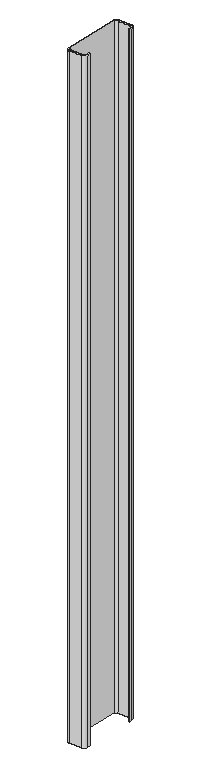
Revit family "CC-기둥", category 구조 기둥, Revit 2026
Family settings
  단면 모양 = 정의되지 않음
  모델 동작 재료 = 스틸
  항상 형상으로 내보내기 = 아니오
  평면의 보 전환 = 경계 상자에서
  로드될 때 보이드를 사용하여 절단 = 아니오
  기호 표현 = 프로젝트 설정에서
  공유 = 아니오
  평면도에서 미리 절단된 패밀리 표시 = 예
Parameters (values of type "LC-250x75x25x4.5")
  Structural Material [instance] = 금속 - 스틸 - 345 MPa
  x = 20.4 mm
  tw = 4.5 mm
  r = 9 mm
  W = 0.146
  R = r + tw  # 13.5 mm
  조합 코드 = "B10"
  B = 75 mm
  H = 250 mm
  d = 25 mm
  A = 1892.00 mm²
Reference planes
  plane 1 "중심(앞/뒤)": y = 0
  plane 2: z = 0
  plane 3 "중심(왼쪽/오른쪽)": x = 0
  plane 4: x = -20.4
  plane 5: x = 54.6
  plane 6: y = 125
  plane 7: y = -125
  plane 8: y = 100
  plane 9: y = -100
  plane 10: y = 111.5
  plane 11: y = -111.5
  plane 12: x = -6.9
  plane 13: x = 41.1
Forms (mm)
  Extrusion 1, solid, material "금속 - 스틸 - 345 MPa" <- "Structural Material", detail levels medium
    sketch origin (0, 0, 0) x (1, 0, 0) y (0, 1, 0)
      loop
        line (54.6, 125) -> (-20.4, 125) -> (-20.4, -125) -> (54.6, -125) -> (54.6, -100) -> (50.1, -100) -> (50.1, -120.5) -> (-15.9, -120.5) -> (-15.9, 120.5) -> (50.1, 120.5) -> (50.1, 100) -> (54.6, 100) -> (54.6, 125)
    from 0 to 2500
  Extrusion 2, solid, material "금속 - 스틸 - 345 MPa" <- "Structural Material", detail levels fine
    sketch origin (0, 0, 0) x (1, 0, 0) y (0, 1, 0)
      loop
        line (54.6, 100) -> (54.6, 111.5)
        arc (54.6, 111.5) -> (50.646, 121.046) -> (41.1, 125) r 13.5
        line (41.1, 125) -> (-6.9, 125)
        arc (-6.9, 125) -> (-16.446, 121.046) -> (-20.4, 111.5) r 13.5
        line (-20.4, 111.5) -> (-20.4, -111.5)
        arc (-20.4, -111.5) -> (-16.446, -121.046) -> (-6.9, -125) r 13.5
        line (-6.9, -125) -> (41.1, -125)
        arc (41.1, -125) -> (50.646, -121.046) -> (54.6, -111.5) r 13.5
        line (54.6, -111.5) -> (54.6, -100) -> (50.1, -100) -> (50.1, -111.5)
        arc (50.1, -111.5) -> (47.464, -117.864) -> (41.1, -120.5) r 9
        line (41.1, -120.5) -> (-6.9, -120.5)
        arc (-6.9, -120.5) -> (-13.264, -117.864) -> (-15.9, -111.5) r 9
        line (-15.9, -111.5) -> (-15.9, 111.5)
        arc (-15.9, 111.5) -> (-13.264, 117.864) -> (-6.9, 120.5) r 9
        line (-6.9, 120.5) -> (41.1, 120.5)
        arc (41.1, 120.5) -> (47.464, 117.864) -> (50.1, 111.5) r 9
        line (50.1, 111.5) -> (50.1, 100) -> (54.6, 100)
    from 0 to 2500
Lines and regions (mm)
  symbolic lines, style "숨겨진 면", detail levels medium+fine
    curve 1: line (1.2, 100, 2500) -> (1.2, 100, 0)
    curve 2: line (1.2, -100, 2500) -> (1.2, -100, 0)
    curve 3: line (-15.9, 0, 2500) -> (-15.9, 0, 0)
    curve 4: line (50.1, 0, 2500) -> (50.1, 0, 0)
    curve 10: line (1.2, 120.5, 2500) -> (1.2, 120.5, 0)
    curve 11: line (1.2, -120.5, 2500) -> (1.2, -120.5, 0)
  symbolic lines, style "StructuralColumnStickSymbols", detail levels coarse
    curve 5: line (54.6, 125, 0) -> (-20.4, 125, 0)
    curve 6: line (-20.4, 125, 0) -> (-20.4, -125, 0)
    curve 7: line (-20.4, -125, 0) -> (54.6, -125, 0)
    curve 8: line (54.6, -125, 0) -> (54.6, -100, 0)
    curve 9: line (54.6, 125, 0) -> (54.6, 100, 0)
Dimensions and locks
  "x": plane 4 to plane 3 "중심(왼쪽/오른쪽)"
  "B": plane 4 to plane 5
  equal spacing: plane 6, plane 1 "중심(앞/뒤)", plane 7
  "H": plane 6 to plane 7
  "d": plane 6 to plane 8
  "d": plane 7 to plane 9
  "R": plane 6 to plane 10
  "R": plane 7 to plane 11
  "R": plane 4 to plane 12
  "R": plane 13 to plane 5
  "tw": Extrusion 1 sketch curve to plane 5  (x2)
  "tw": plane 7 to Extrusion 1 sketch curve
  "tw": plane 4 to Extrusion 1 sketch curve
  "tw": plane 6 to Extrusion 1 sketch curve
  "r": radius of Extrusion 2 sketch curve  (x4)
  aligned and locked: level to plane 2
  aligned and locked: level to curve 3  (x2)
  aligned and locked: level to curve 4  (x2)
  aligned and locked: level to curve 1  (x2)
  aligned and locked: level to curve 2  (x2)
  aligned and locked: Extrusion 1 sketch curve to plane 5
  aligned and locked: plane 6 to Extrusion 1 sketch curve
  aligned and locked: Extrusion 1 sketch curve to plane 4
  aligned and locked: plane 7 to Extrusion 1 sketch curve
  aligned and locked: plane 5 to Extrusion 1 sketch curve
  aligned and locked: Extrusion 1 sketch curve to plane 9
  aligned and locked: plane 8 to Extrusion 1 sketch curve
  aligned and locked: Extrusion 1 to level
  aligned and locked: level to Extrusion 1
  aligned and locked: plane 8 to Extrusion 2 sketch curve
  aligned and locked: plane 5 to Extrusion 2 sketch curve  (x2)
  aligned and locked: plane 6 to Extrusion 2 sketch curve
  aligned and locked: Extrusion 2 sketch curve to plane 4
  aligned and locked: plane 7 to Extrusion 2 sketch curve
  aligned and locked: plane 9 to Extrusion 2 sketch curve
  aligned and locked: plane 10 to Extrusion 2 sketch curve  (x2)
  aligned and locked: plane 12 to Extrusion 2 sketch curve  (x2)
  aligned and locked: plane 13 to Extrusion 2 sketch curve  (x2)
  aligned and locked: plane 11 to Extrusion 2 sketch curve  (x2)
  aligned and locked: Extrusion 2 to level  (x3)
  aligned and locked: level to Extrusion 2  (x6)
  aligned and locked: plane 8 to curve 9
  aligned and locked: curve 9 to plane 5
  aligned and locked: plane 6 to curve 5
  aligned and locked: curve 6 to plane 4
  aligned and locked: plane 7 to curve 7
  aligned and locked: plane 9 to curve 8
  aligned and locked: plane 5 to curve 8
  aligned and locked: curve 3 to Extrusion 1
  aligned and locked: curve 4 to Extrusion 1
  aligned and locked: curve 10 to Extrusion 1
  aligned and locked: curve 1 to Extrusion 2
  aligned and locked: curve 11 to Extrusion 1
  aligned and locked: curve 2 to Extrusion 2
  aligned and locked: level to curve 11  (x2)
  aligned and locked: level to curve 10  (x2)
Automatic sketch dimensions
  Extrusion 2 sketch curve to Extrusion 2 sketch curve = 0 mm  (x4)
